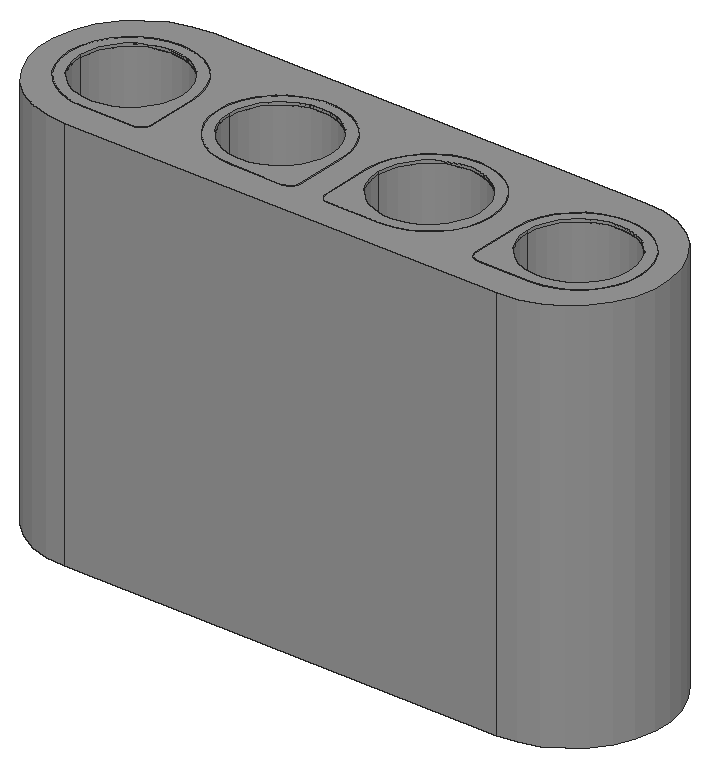
Revit family "Урна для раздельного сбора мусора «Скади» Арт 14042", category Антураж, Revit 2018
Family settings
  На основе рабочей плоскости = Нет
  Всегда вертикально = Да
  При загрузке вырезать с полостями = Нет
  Источник визуального образа = Геометрия семейства
  Общий = Нет
  Точка расчета площади = Нет
Parameters (values of type "Урна для раздельного сбора мусора «Скади». Версия Сталь")
  Ширина = 360 mm  # constant formula
  Цвет урны = Сталь
  Урна №4 = Красный
  Урна №3 = Зеленый
  Урна №2 = Синий
  Урна №1 = Желтый
  Описание = if([Материал "Сталь"], "Урна для раздельного сбора мусора «Скади». Версия: Сталь", "Урна для раздельного сбора мусора «Скади». Версия: Нержавеющая сталь")  # "Урна для раздельного сбора мусора «Скади». Версия: Сталь"
  Материал изделия = if([Материал "Сталь"], "Сталь", "Нержавеющая сталь")  # "Сталь"
  Материал "Сталь" = yes
  Материал "Нержавеющая сталь" = not([Материал "Сталь"])  # no
  Изображение типоразмера = Урна для раздельного сбора мусора «Скади» Арт 14042.jpg
  Изготовитель = "ООО «Хоббика"  # constant formula
  Длина = 1200 mm  # constant formula
  Группа модели = "Уличные урны"  # constant formula
  Высота = 770 mm  # constant formula
  Артикул товара = "Арт. 14042"  # constant formula
  URL = "https://hobbyka.ru/product/urna_dlya_razdelnogo_sbora_musora_skadi/"
Types (3, lengths in mm): name | Цвет урны | Описание | Материал изделия | Материал "Сталь" | Материал "Нержавеющая сталь"
  (no name) | Сталь | "Урна для раздельного сбора мусора «Скади». Версия: Сталь" | "Сталь" | yes | no
  Урна для раздельного сбора мусора «Скади». Версия Сталь | Сталь | "Урна для раздельного сбора мусора «Скади». Версия: Сталь" | "Сталь" | yes | no
  Урна для раздельного сбора мусора «Скади». Версия Нержавеющая сталь | Нержавеющая сталь | "Урна для раздельного сбора мусора «Скади». Версия: Нержавеющая сталь" | "Нержавеющая сталь" | no | yes
Reference planes
  plane 1 "По центру (Вперед/Назад)": y = 0
  plane 2: z = 0
  plane 3 "По центру (Влево/Вправо)": x = 0
  plane 4: x = 1200
  plane 5: y = 360
  plane 6: z = 770
Forms (mm)
  Extrusion 1, solid, material "Сталь" <- "Цвет урны"
    sketch origin (0, 0, 0) x (1, 0, 0) y (0, 1, 0)
      loop
        arc (180, 360) -> (0, 180) -> (180, 0) r 180
        line (180, 0) -> (1020, 0)
        arc (1020, 0) -> (1200, 180) -> (1020, 360) r 180
        line (1020, 360) -> (180, 360)
    from 0 to 770
  Extrusion 2, void
    sketch origin (0, 0, 0) x (1, 0, 0) y (0, 1, 0)
      loop
        circle (165, 180) r 100
      loop
        circle (455, 180) r 100
      loop
        circle (745, 180) r 100
      loop
        circle (1035, 180) r 100
    from 25.021 to 770
  Extrusion 3, void
    sketch origin (0, 0, 0) x (1, 0, 0) y (0, 1, 0)
      loop
        circle (165, 180) r 100
      loop
        circle (455, 180) r 100
      loop
        arc (45, 180) -> (80.147, 95.147) -> (165, 60) r 120
        line (165, 60) -> (265, 60)
        arc (265, 60) -> (279.142, 65.858) -> (285, 80) r 20
        line (285, 80) -> (285, 180)
        arc (285, 180) -> (165, 300) -> (45, 180) r 120
      loop
        arc (335, 180) -> (370.147, 95.147) -> (455, 60) r 120
        line (455, 60) -> (555, 60)
        arc (555, 60) -> (569.142, 65.858) -> (575, 80) r 20
        line (575, 80) -> (575, 180)
        arc (575, 180) -> (455, 300) -> (335, 180) r 120
      loop
        circle (1035, 180) r 100
      loop
        circle (745, 180) r 100
      loop
        arc (1155, 180) -> (1035, 300) -> (915, 180) r 120
        line (915, 180) -> (915, 80)
        arc (915, 80) -> (920.858, 65.858) -> (935, 60) r 20
        line (935, 60) -> (1035, 60)
        arc (1035, 60) -> (1119.853, 95.147) -> (1155, 180) r 120
      loop
        arc (865, 180) -> (745, 300) -> (625, 180) r 120
        line (625, 180) -> (625, 80)
        arc (625, 80) -> (630.858, 65.858) -> (645, 60) r 20
        line (645, 60) -> (745, 60)
        arc (745, 60) -> (829.853, 95.147) -> (865, 180) r 120
    from 765 to 770
  Extrusion 4, solid, material "Желтый" <- "Урна №1"
    sketch origin (0, 0, 0) x (1, 0, 0) y (0, 1, 0)
      loop
        arc (285, 180) -> (165, 300) -> (45, 180) r 120
        arc (45, 180) -> (80.147, 95.147) -> (165, 60) r 120
        line (165, 60) -> (265, 60)
        arc (265, 60) -> (279.142, 65.858) -> (285, 80) r 20
        line (285, 80) -> (285, 180)
      loop
        circle (165, 180) r 100
    from 765 to 770
  Extrusion 5, solid, material "Синий" <- "Урна №2"
    sketch origin (290, 0, 0) x (1, 0, 0) y (0, 1, 0)
      loop
        arc (285, 180) -> (165, 300) -> (45, 180) r 120
        arc (45, 180) -> (80.147, 95.147) -> (165, 60) r 120
        line (165, 60) -> (265, 60)
        arc (265, 60) -> (279.142, 65.858) -> (285, 80) r 20
        line (285, 80) -> (285, 180)
      loop
        circle (165, 180) r 100
    from 765 to 770
  Extrusion 6, solid, material "Красный" <- "Урна №4"
    sketch origin (1200, 0, 0) x (-1, 0, 0) y (0, -1, 0)
      loop
        line (285, -180) -> (285, -80)
        arc (285, -80) -> (279.142, -65.858) -> (265, -60) r 20
        line (265, -60) -> (165, -60)
        arc (165, -60) -> (80.147, -95.147) -> (45, -180) r 120
        arc (45, -180) -> (165, -300) -> (285, -180) r 120
      loop
        circle (165, -180) r 100
    from 765 to 770
  Extrusion 7, solid, material "Зеленый" <- "Урна №3"
    sketch origin (910, 0, 0) x (-1, 0, 0) y (0, -1, 0)
      loop
        line (285, -180) -> (285, -80)
        arc (285, -80) -> (279.142, -65.858) -> (265, -60) r 20
        line (265, -60) -> (165, -60)
        arc (165, -60) -> (80.147, -95.147) -> (45, -180) r 120
        arc (45, -180) -> (165, -300) -> (285, -180) r 120
      loop
        circle (165, -180) r 100
    from 765 to 770
Cuts and joins
  Extrusion 2, Extrusion 3 cuts Extrusion 1
Dimensions and locks
  "Ширина": plane 5 to plane 1 "По центру (Вперед/Назад)"
  "Длина": plane 4 to plane 3 "По центру (Влево/Вправо)"
  "Высота": plane 6 to plane 2
  aligned and locked: level to plane 2
Automatic sketch dimensions
  Extrusion 1 sketch curve to plane 5 = 0 mm
  plane 1 "По центру (Вперед/Назад)" to Extrusion 1 sketch curve = 0 mm
  plane 3 "По центру (Влево/Вправо)" to Extrusion 1 sketch curve = 180 mm
  Extrusion 1 sketch curve to plane 4 = 180 mm
  plane 3 "По центру (Влево/Вправо)" to Extrusion 2 sketch curve = 165 mm
  Extrusion 2 sketch curve to Extrusion 2 sketch curve = 290 mm  (x2)
  Extrusion 2 sketch curve to plane 4 = 165 mm
  Extrusion 2 sketch curve to plane 1 "По центру (Вперед/Назад)" = 180 mm  (x4)
  Extrusion 3 sketch curve to Extrusion 3 sketch curve = 0 mm  (x48)
  plane 3 "По центру (Влево/Вправо)" to Extrusion 3 sketch curve = 165 mm
  Extrusion 3 sketch curve to plane 1 "По центру (Вперед/Назад)" = 60 mm  (x4)
  Extrusion 3 sketch curve to Extrusion 3 sketch curve = 100 mm  (x2)
  Extrusion 3 sketch curve to Extrusion 3 sketch curve = 20 mm  (x8)
  Extrusion 3 sketch curve to Extrusion 3 sketch curve = 170 mm
  Extrusion 3 sketch curve to Extrusion 3 sketch curve = 50 mm  (x2)
  Extrusion 3 sketch curve to Extrusion 3 sketch curve = 120 mm  (x2)
  Extrusion 4 sketch curve to Extrusion 4 sketch curve = 0 mm  (x12)
  plane 3 "По центру (Влево/Вправо)" to Extrusion 4 sketch curve = 165 mm
  Extrusion 4 sketch curve to plane 1 "По центру (Вперед/Назад)" = 80 mm
  Extrusion 4 sketch curve to Extrusion 4 sketch curve = 100 mm
  Extrusion 4 sketch curve to Extrusion 4 sketch curve = 20 mm  (x2)
  Extrusion 5 sketch curve to Extrusion 5 sketch curve = 0 mm  (x12)
  Extrusion 5 sketch curve to plane 1 "По центру (Вперед/Назад)" = 180 mm
  plane 3 "По центру (Влево/Вправо)" to Extrusion 5 sketch curve = 455 mm
  Extrusion 5 sketch curve to plane 1 "По центру (Вперед/Назад)" = 80 mm
  Extrusion 5 sketch curve to Extrusion 5 sketch curve = 20 mm  (x2)
  Extrusion 6 sketch curve to Extrusion 6 sketch curve = 0 mm  (x12)
  plane 4 to Extrusion 6 sketch curve = 165 mm
  plane 1 "По центру (Вперед/Назад)" to Extrusion 6 sketch curve = 80 mm
  Extrusion 6 sketch curve to Extrusion 6 sketch curve = 100 mm
  Extrusion 6 sketch curve to Extrusion 6 sketch curve = 20 mm  (x2)
  Extrusion 7 sketch curve to Extrusion 7 sketch curve = 0 mm  (x12)
  plane 1 "По центру (Вперед/Назад)" to Extrusion 7 sketch curve = 180 mm
  plane 4 to Extrusion 7 sketch curve = 455 mm
  plane 1 "По центру (Вперед/Назад)" to Extrusion 7 sketch curve = 80 mm
  Extrusion 7 sketch curve to Extrusion 7 sketch curve = 20 mm  (x2)
  radius of Extrusion 2 sketch curve = 100 mm  (x4)
